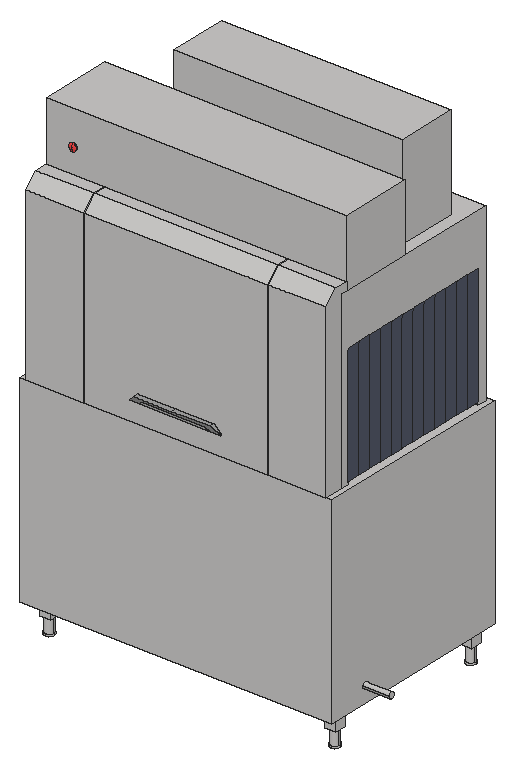
Revit family "QF_ELECTROLUXPROFESSIONAL_520422_ESR20EL5", category Specialty Equipment, Revit 2018
Family settings
  Round Connector Dimension = Use Diameter
  Part Type = Normal
  Work Plane-Based = No
  Always vertical = Yes
  Cut with Voids When Loaded = No
  Shared = No
  Room Calculation Point = No
Parameters (values of type "Standard")
  Weight = 258.00 kg
  Watts = 0 W
  Volts = 380 V
  URL Manufacturer = "http://professional.electrolux.com"
  URL = "http://professional.electrolux.com"
  Steam Supply Size = 0 mm
  Steam Supply Minimum Pressure = 0.0 Pa
  Steam Supply Maximum Pressure = 0.0 Pa
  Steam Pounds per Hour = 0
  Show Clearance [instance] = yes
  Refrigeration Suction Line Size = 0 mm
  Refrigeration Liquid Line Size = 0 mm
  Refrigerant Compressor Remote = yes
  Manufacturer = "Electrolux Professional"
  Phase = 3
  Model = "ESR20EL5"
  Length Actual = 1148 mm  # constant formula
  L_R [instance] = yes
  Item Number = "520422"
  Hot Water Size = 0 mm
  Height Actual = 1846 mm  # constant formula
  HP = "61.7 HP"
  Gas Size = 0 mm
  Gas KW = 0
  Gas Input Pressure = 0 W
  Direct Waste Size = 50.8 mm
  Description = "SINGLE RINSE RACKTYPE DISHWASHER, 200 RACKS/HOUR, ELECTRIC, L>R, 380-400V/50HZ/3N"
  Depth Actual = 800 mm  # constant formula
  Cycle = 50 Hz
  Condensate Return Size = 0 mm
  Compressed Air Volume = 0.0 L/s
  Compressed Air Size = 0 mm
  Compressed Air Pressure = 0.0 Pa
  Cold Water Size = 0 mm
  Accessory = yes
Types (2, lengths in mm): name | URL | Manufacturer | Phase | Model | Description
  (no name) | 0 | 0 | 0 | 0 | 0
  Standard | "http://professional.electrolux.com" | "Electrolux Professional" | 3 | "ESR20EL5" | "SINGLE RINSE RACKTYPE DISHWASHER, 200 RACKS/HOUR, ELECTRIC, L>R, 380-400V/50HZ/3N"
Values of the unnamed type that differ from the named types
  Volts = 0 V
  URL Manufacturer = ""
  Item Number = ""
  Cycle = 0 Hz
Reference planes
  plane 1 "Centro (Fronte/Retro)": y = 0
  plane 2: z = 0
  plane 3 "Centro (Sinistra/Destra)": x = 0
  plane 4 "LEFT": x = -574
  plane 5 "RIGHT": x = 574
  plane 6 "BACK": y = 384
  plane 7 "FRONT": y = -384
  plane 8: z = 120
  plane 9: z = 1747
  plane 10: z = 858
  plane 11: z = 1501
  plane 12: z = 1846
  plane 13: x = -526
  plane 14: x = 526
  plane 15: y = -290
  plane 16: y = 336
  plane 17: y = 369
  plane 18: x = -553
  plane 19: x = 553
  plane 20: y = -318
  plane 21: x = -338
  plane 22: x = 338
  plane 23: z = 1308
  plane 24: z = 2000
  plane 25: y = 464
Forms (mm)
  Extrusion 1, solid, material "QF_Finishes_Stainless Steel"
    sketch origin (0, 0, 0) x (1, 0, 0) y (0, 1, 0)
      loop
        line (-574, 384) -> (-574, -364) -> (574, -364) -> (574, 384) -> (-574, 384)
    from 120 to 858
  Extrusion 2, solid, material "QF_Finishes_Stainless Steel"
    sketch origin (0, 0, 0) x (1, 0, 0) y (0, 1, 0)
      loop
        line (-553, 369) -> (-553, -298) -> (553, -298) -> (553, 369) -> (-553, 369)
    from 858 to 1501
  Extrusion 3, solid, material "QF_Finishes_Stainless Steel"
    sketch origin (0, 20, 0) x (0, 1, 0) y (0, 0, 1)
      loop
        line (-384, 858) -> (-318, 858) -> (-318, 1501) -> (-290, 1501) -> (-290, 1531) -> (-340, 1531) -> (-384, 1487) -> (-384, 858)
    from -553 to -338
  Extrusion 4, solid, material "QF_Finishes_Stainless Steel"
    sketch origin (500, 20, 0) x (0, 1, 0) y (0, 0, 1)
      loop
        line (-384, 858) -> (-318, 858) -> (-318, 1501) -> (-290, 1501) -> (-290, 1531) -> (-340, 1531) -> (-384, 1487) -> (-384, 858)
    from -162 to 53
  Extrusion 5, solid, material "QF_Finishes_Stainless Steel"
    sketch origin (540, 20, 0) x (0, 1, 0) y (0, 0, 1)
      loop
        line (-384, 858) -> (-318, 858) -> (-318, 1501) -> (-290, 1501) -> (-290, 1531) -> (-340, 1531) -> (-384, 1487) -> (-384, 858)
    from -878 to -202
  Extrusion 6, solid, material "QF_Finishes_Gray"
    sketch origin (540, -364, 858) x (0, 0, 1) y (-1, 0, 0)
      loop
        line (100, 540) -> (100, 680) -> (71.716, 708.284) -> (71.716, 371.716) -> (100, 400) -> (100, 540)
    from 0 to 20
  Extrusion 7, void
    sketch origin (540, -384, 858) x (0, 0, -1) y (-1, 0, 0)
      loop
        line (-71.716, 670) -> (-85.858, 655.858) -> (-85.858, 540) -> (-85.858, 424.142) -> (-71.716, 410) -> (-71.716, 670)
    from 0 to 15.552
  Extrusion 8, void
    sketch origin (0, 0, 0) x (0, 1, 0) y (0, 0, 1)
      loop
        line (-368.448, 929.716) -> (-384, 958) -> (-384, 929.716) -> (-368.448, 929.716)
    from -266.002 to 250
  Extrusion 9, solid, material "QF_Finishes_Stainless Steel"
    sketch origin (0, 0, 0) x (1, 0, 0) y (0, 1, 0)
      loop
        line (-553, -270) -> (553, -270) -> (553, 0) -> (-553, 0) -> (-553, -270)
    from 1501 to 1747
  Revolve 10, solid, material "QF_Finishes_Red"
    sketch origin (-450, 0, 0) x (0, 1, 0) y (0, 0, 1)
      loop
        line (-270, 1624.5) -> (-270, 1629.5) -> (-275.578, 1629.5) -> (-275.578, 1638.673) -> (-276.708, 1638.673)
        arc (-276.708, 1638.673) -> (-279.647, 1631.859) -> (-280.606, 1624.5) r 26.817
        line (-280.606, 1624.5) -> (-270, 1624.5)
      axis (-270, 1624.5) -> (-280.606, 1624.5)
    angle from 0 to 360
  Extrusion 11, solid, material "QF_Finishes_Stainless Steel"
    sketch origin (0, 0, 0) x (1, 0, 0) y (0, 1, 0)
      loop
        line (509, 42) -> (509, 265) -> (-334, 265) -> (-334, 42) -> (509, 42)
    from 1501 to 1846
  Extrusion 12, void
    sketch origin (-553, -318, 0) x (0, -1, 0) y (0, 0, -1)
      loop
        line (-654, -1308) -> (-53, -1308) -> (-53, -858) -> (-654, -858) -> (-654, -1308)
    from 0 to 1106
  Extrusion 13, solid, material "QF_Finishes_Navy Blue"
    sketch origin (-553, -318, 0) x (0, 1, 0) y (0, 0, -1)
      loop
        line (653, -1308) -> (653, -868) -> (604, -868) -> (604, -1308) -> (653, -1308)
      loop
        line (53, -1308) -> (102, -1308) -> (102, -868) -> (53, -868) -> (53, -1308)
      loop
        line (602, -868) -> (554, -868) -> (554, -1308) -> (602, -1308) -> (602, -868)
      loop
        line (552, -868) -> (504, -868) -> (504, -1308) -> (552, -1308) -> (552, -868)
      loop
        line (502, -868) -> (454, -868) -> (454, -1308) -> (502, -1308) -> (502, -868)
      loop
        line (452, -868) -> (404, -868) -> (404, -1308) -> (452, -1308) -> (452, -868)
      loop
        line (402, -868) -> (354, -868) -> (354, -1308) -> (402, -1308) -> (402, -868)
      loop
        line (352, -868) -> (304, -868) -> (304, -1308) -> (352, -1308) -> (352, -868)
      loop
        line (302, -868) -> (254, -868) -> (254, -1308) -> (302, -1308) -> (302, -868)
      loop
        line (252, -868) -> (204, -868) -> (204, -1308) -> (252, -1308) -> (252, -868)
      loop
        line (202, -868) -> (154, -868) -> (154, -1308) -> (202, -1308) -> (202, -868)
      loop
        line (152, -868) -> (104, -868) -> (104, -1308) -> (152, -1308) -> (152, -868)
    from 0 to -3
  Extrusion 14, solid, material "QF_Finishes_Navy Blue"
    sketch origin (553, -318, 0) x (0, 1, 0) y (0, 0, 1)
      loop
        line (653, 1308) -> (604, 1308) -> (604, 868) -> (653, 868) -> (653, 1308)
      loop
        line (53, 1308) -> (53, 868) -> (102, 868) -> (102, 1308) -> (53, 1308)
      loop
        line (602, 868) -> (602, 1308) -> (554, 1308) -> (554, 868) -> (602, 868)
      loop
        line (552, 868) -> (552, 1308) -> (504, 1308) -> (504, 868) -> (552, 868)
      loop
        line (502, 868) -> (502, 1308) -> (454, 1308) -> (454, 868) -> (502, 868)
      loop
        line (452, 868) -> (452, 1308) -> (404, 1308) -> (404, 868) -> (452, 868)
      loop
        line (402, 868) -> (402, 1308) -> (354, 1308) -> (354, 868) -> (402, 868)
      loop
        line (352, 868) -> (352, 1308) -> (304, 1308) -> (304, 868) -> (352, 868)
      loop
        line (302, 868) -> (302, 1308) -> (254, 1308) -> (254, 868) -> (302, 868)
      loop
        line (252, 868) -> (252, 1308) -> (204, 1308) -> (204, 868) -> (252, 868)
      loop
        line (202, 868) -> (202, 1308) -> (154, 1308) -> (154, 868) -> (202, 868)
      loop
        line (152, 868) -> (152, 1308) -> (104, 1308) -> (104, 868) -> (152, 868)
    from 0 to -3
  Extrusion 15, solid, material "QF_Door-Drawer Clearances", visible <- "Show Clearance", detail levels coarse
    sketch origin (453, -119.301, 494.86) x (0, 1, 0) y (0, 0, 1)
      loop
        line (-178.699, 1036.14) -> (-178.699, 1475.14) -> (-150.699, 1475.14) -> (-150.699, 1505.14) -> (-200.699, 1505.14) -> (-244.699, 1461.14) -> (-244.699, 992.14) -> (-200.699, 1036.14) -> (-178.699, 1036.14)
    from -791 to -115
  Extrusion 16, solid, material "QF_Clearance", visible <- "Show Clearance", detail levels coarse
    sketch origin (0, 0, 0) x (1, 0, 0) y (0, 1, 0)
      loop
        line (-574, 384) -> (574, 384) -> (574, 464) -> (-574, 464) -> (-574, 384)
    from 0 to 1846
  Extrusion 17, solid, material "QF_Finishes_Stainless Steel"
    sketch origin (-553, -318, 0) x (0, 1, 0) y (0, 0, -1)
      loop
        circle (104, -183) r 10
    from 21 to 121
  Extrusion 18, solid, material "QF_Finishes_Stainless Steel"
    sketch origin (553, -318, 0) x (0, 1, 0) y (0, 0, 1)
      loop
        circle (104, 183) r 10
    from 21 to 121
  Extrusion 19, solid, material "QF_Finishes_Stainless Steel"
    sketch origin (487.887, 0, -4.4) x (-1, 0, 0) y (0, 0, 1)
      loop
        circle (943.887, 1646.362) r 10
    from 0 to 35
  Extrusion 20, solid, material "QF_Finishes_Stainless Steel"
    sketch origin (-335, 265, 6.038) x (1, 0, 0) y (0, 0, -1)
      loop
        circle (204, -1740.962) r 10
    from 0 to 10
Cuts and joins
  Extrusion 7, Extrusion 12 cuts Extrusion 2
  Extrusion 7 cuts Extrusion 5
  Extrusion 7, Extrusion 8 cuts Extrusion 6
  Extrusion 12 cuts Extrusion 1
Lines and regions (mm)
  Split face 1
    outline origin (-553, -270, 0) x (1, 0, 0) y (0, 0, 1)
      loop
        line (215, 1501) -> (215, 1747)
      loop
        line (891, 1501) -> (891, 1747)
  Split face 2
    outline origin (-553, -270, 0) x (1, 0, 0) y (0, 0, 1)
      loop
        line (215, 1651) -> (310, 1651) -> (348.837, 1604.716) -> (553, 1604.716) -> (757.163, 1604.716) -> (796, 1651) -> (891, 1651)
  Split face 3
    outline origin (-553, -270, 0) x (1, 0, 0) y (0, 0, 1)
      loop
        line (482.982, 1651) -> (482.982, 1631) -> (512.982, 1631) -> (512.982, 1651) -> (482.982, 1651)
  Split face 4
    outline origin (553, -270, 0) x (-1, 0, 0) y (0, 0, -1)
      loop
        line (455.982, -1651) -> (485.982, -1651) -> (485.982, -1631) -> (455.982, -1631) -> (455.982, -1651)
  symbolic lines
    curve 1: line (-334, 265, 0) -> (509, 265, 0)
    curve 2: line (-334, 42, 0) -> (-334, 265, 0)
    curve 3: line (509, 42, 0) -> (-334, 42, 0)
    curve 4: line (509, 265, 0) -> (509, 42, 0)
    curve 5: line (-574, 384, 0) -> (574, 384, 0)
    curve 6: line (574, 384, 0) -> (574, -364, 0)
    curve 7: line (574, -364, 0) -> (-574, -364, 0)
    curve 8: line (-574, -364, 0) -> (-574, 384, 0)
    curve 9: line (-553, -364, 0) -> (-553, 369, 0)
    curve 10: line (-553, 369, 0) -> (553, 369, 0)
    curve 11: line (553, 369, 0) -> (553, -364, 0)
    curve 12: line (553, -320, 0) -> (-553, -320, 0)
    curve 13: line (-338, -364, 0) -> (-338, -270, 0)
    curve 14: line (-553, -270, 0) -> (553, -270, 0)
    curve 15: line (338, -364, 0) -> (338, -270, 0)
    curve 16: line (526, 0, 0) -> (-553, 0, 0)
    curve 23: line (-168.284, -364, 0) -> (-168.284, -368.448, 0)
    curve 24: line (-168.284, -368.448, 0) -> (-140, -384, 0)
    curve 25: line (-140, -384, 0) -> (140, -384, 0)
    curve 26: line (140, -384, 0) -> (168.284, -368.448, 0)
    curve 27: line (168.284, -364, 0) -> (168.284, -368.448, 0)
  symbolic lines, style "QF_Clearances"
    curve 17: line (-574, 384, 0) -> (-574, 464, 0)
    curve 18: line (-574, 464, 0) -> (574, 464, 0)
    curve 19: line (574, 384, 0) -> (574, 464, 0)
  symbolic lines, style "SpecialityEquipment"
    curve 20: line (100, 129, 0) -> (-100, 129, 0)
  symbolic lines, style "SpecialityEquipment", visible <- "L_R"
    curve 21: line (100, 129, 0) -> (50.207, 87.219, 0)
    curve 22: line (100, 129, 0) -> (50.207, 170.781, 0)
Dimensions and locks
  equal spacing: plane 4 "LEFT", plane 3 "Centro (Sinistra/Destra)", plane 5 "RIGHT"
  plane 4 "LEFT" to plane 5 "RIGHT" = 1148 mm
  equal spacing: plane 6 "BACK", plane 1 "Centro (Fronte/Retro)", plane 7 "FRONT"
  plane 6 "BACK" to plane 7 "FRONT" = 768 mm
  plane 12 to plane 9 to plane 11 to plane 10 to plane 8 to plane 2 = 99 mm, 246 mm, 643 mm, 738 mm, 120 mm
  plane 12 to plane 2 = 1846 mm
  locked: plane 4 "LEFT" to plane 13 at 48
  locked: plane 14 to plane 5 "RIGHT" at 48
  locked: plane 6 "BACK" to plane 16 at 48
  locked: plane 15 to plane 7 "FRONT" at 94
  locked: plane 6 "BACK" to plane 17 at 15
  locked: plane 4 "LEFT" to plane 18 at 21
  locked: plane 19 to plane 5 "RIGHT" at 21
  locked: plane 20 to plane 7 "FRONT" at 66
  locked: plane 21 to plane 18 at 215
  locked: plane 19 to plane 22 at 215
  locked: plane 23 to plane 10 at 450
  plane 24 to plane 2 = 2000 mm
  locked: plane 6 "BACK" to plane 25 at 80
  plane 9 to plane 2 = 1747 mm
  aligned and locked: level to plane 2
  aligned and locked: plane 13 to nested 1
  aligned and locked: nested 1 to plane 15
  aligned and locked: nested 2 to plane 16
  aligned and locked: plane 14 to nested 3
  aligned and locked: nested 4 to plane 16
  aligned and locked: plane 14 to nested 4
  aligned and locked: Extrusion 1 sketch curve to plane 6 "BACK"
  aligned and locked: plane 4 "LEFT" to Extrusion 1 sketch curve
  aligned and locked: Extrusion 1 sketch curve to plane 5 "RIGHT"
  aligned and locked: plane 18 to Extrusion 2 sketch curve
  aligned and locked: Extrusion 2 sketch curve to plane 19
  aligned and locked: Extrusion 2 sketch curve to plane 17
  aligned and locked: Extrusion 3 to plane 18
  aligned and locked: plane 21 to Extrusion 3
  aligned and locked: plane 19 to Extrusion 4
  aligned and locked: Extrusion 4 to plane 22
  aligned and locked: Extrusion 5 to plane 21
  aligned and locked: plane 22 to Extrusion 5
  aligned and locked: Extrusion 2 to Extrusion 3
  aligned and locked: Extrusion 1 to Extrusion 3
  aligned and locked: Extrusion 9 sketch curve to Extrusion 3
  aligned and locked: Extrusion 9 sketch curve to plane 18
  aligned and locked: Extrusion 9 sketch curve to plane 1 "Centro (Fronte/Retro)"
  aligned and locked: plane 19 to Extrusion 12
  aligned and locked: plane 4 "LEFT" to Extrusion 17
  aligned and locked: plane 19 to Extrusion 9
  aligned and locked: Extrusion 16 to plane 25
  aligned and locked: plane 9 to Extrusion 9
Automatic sketch dimensions
  Extrusion 6 sketch curve to plane 3 "Centro (Sinistra/Destra)" = 0 mm
  plane 10 to Extrusion 6 sketch curve = 71.716 mm
  Extrusion 6 sketch curve to Extrusion 6 sketch curve = 28.284 mm  (x3)
  plane 3 "Centro (Sinistra/Destra)" to Extrusion 6 sketch curve = 140 mm
  Extrusion 6 sketch curve to Extrusion 6 sketch curve = 140 mm
  Extrusion 7 sketch curve to Extrusion 6 = 0 mm
  Extrusion 6 to Extrusion 7 sketch curve = 14.142 mm
  Extrusion 6 to Extrusion 7 sketch curve = 27.071 mm
  Extrusion 7 sketch curve to Extrusion 7 sketch curve = 14.142 mm  (x2)
  Extrusion 7 sketch curve to Extrusion 7 sketch curve = 115.858 mm  (x2)
  Split face 2 sketch curve to Split face 2 sketch curve = 38.837 mm  (x2)
  Split face 2 sketch curve to Split face 2 sketch curve = 204.163 mm  (x2)
  Split face 2 sketch curve to Split face 2 sketch curve = 95 mm  (x2)
  Split face 3 sketch curve to Split face 3 sketch curve = 30 mm
  Split face 3 sketch curve to Split face 3 sketch curve = 20 mm
  Split face 4 sketch curve to Split face 4 sketch curve = 30 mm
  Split face 4 sketch curve to Split face 4 sketch curve = 20 mm
  Split face 1 sketch curve to Split face 1 sketch curve = 676 mm
  Split face 1 sketch curve to Split face 1 sketch curve = 0 mm
  Split face 1 sketch curve to Split face 1 sketch curve = 246 mm  (x2)
  Split face 2 sketch curve to Split face 2 sketch curve = 46.284 mm  (x2)
  plane 13 to Extrusion 19 sketch curve = 70 mm
  Extrusion 19 sketch curve to plane 9 = 105.038 mm
  plane 7 "FRONT" to Extrusion 1 sketch curve = 20 mm
  Extrusion 2 sketch curve to plane 15 = 8 mm
  Extrusion 3 sketch curve to plane 10 = 0 mm
  Extrusion 3 sketch curve to plane 11 = 0 mm
  plane 7 "FRONT" to Extrusion 3 sketch curve = 20 mm
  Extrusion 3 sketch curve to plane 20 = 2 mm
  Extrusion 3 sketch curve to plane 15 = 8 mm
  plane 15 to Extrusion 3 sketch curve = 20 mm
  Extrusion 3 sketch curve to plane 11 = 14 mm
  plane 11 to Extrusion 3 sketch curve = 30 mm
  Extrusion 4 sketch curve to plane 10 = 0 mm
  Extrusion 4 sketch curve to plane 11 = 0 mm
  plane 7 "FRONT" to Extrusion 4 sketch curve = 20 mm
  Extrusion 4 sketch curve to plane 20 = 2 mm
  Extrusion 4 sketch curve to plane 15 = 8 mm
  plane 15 to Extrusion 4 sketch curve = 20 mm
  Extrusion 4 sketch curve to plane 11 = 14 mm
  plane 11 to Extrusion 4 sketch curve = 30 mm
  Extrusion 5 sketch curve to plane 10 = 0 mm
  Extrusion 5 sketch curve to plane 11 = 0 mm
  plane 7 "FRONT" to Extrusion 5 sketch curve = 20 mm
  Extrusion 5 sketch curve to plane 20 = 2 mm
  Extrusion 5 sketch curve to plane 15 = 8 mm
  plane 15 to Extrusion 5 sketch curve = 20 mm
  Extrusion 5 sketch curve to plane 11 = 14 mm
  plane 11 to Extrusion 5 sketch curve = 30 mm
  Extrusion 8 sketch curve to plane 7 "FRONT" = 0 mm
  plane 7 "FRONT" to Extrusion 8 sketch curve = 15.552 mm
  plane 10 to Extrusion 8 sketch curve = 71.716 mm
  Extrusion 8 sketch curve to Extrusion 8 sketch curve = 28.284 mm
  Extrusion 9 sketch curve to plane 19 = 0 mm
  plane 15 to Revolve 10 sketch curve = 9.394 mm
  plane 15 to Revolve 10 sketch curve = 13.292 mm
  Revolve 10 sketch curve to Revolve 10 sketch curve = 5.028 mm
  Revolve 10 sketch curve to Revolve 10 sketch curve = 5.578 mm
  Revolve 10 sketch curve to Revolve 10 sketch curve = 16.21 mm
  Revolve 10 sketch curve to plane 9 = 122.5 mm  (x2)
  Revolve 10 sketch curve to Revolve 10 sketch curve = 0.248 mm
  Revolve 10 sketch curve to Revolve 10 sketch curve = 5 mm
  Revolve 10 sketch curve to plane 7 "FRONT" = 66 mm
  Revolve 10 sketch curve to Revolve 10 sketch curve = 0 mm
  plane 21 to Extrusion 11 sketch curve = 4 mm
  Extrusion 11 sketch curve to plane 14 = 17 mm
  Extrusion 11 sketch curve to plane 1 "Centro (Fronte/Retro)" = 42 mm
  Extrusion 11 sketch curve to plane 16 = 71 mm
  Extrusion 2 to Extrusion 12 sketch curve = 0 mm
  Extrusion 12 sketch curve to Extrusion 2 = 33 mm
  Extrusion 2 to Extrusion 12 sketch curve = 33 mm
  Extrusion 12 sketch curve to Extrusion 2 = 193 mm
  Extrusion 2 to Extrusion 13 sketch curve = 10 mm  (x9)
  Extrusion 13 sketch curve to Extrusion 2 = 33 mm
  Extrusion 13 sketch curve to Extrusion 13 sketch curve = 49 mm
  Extrusion 13 sketch curve to Extrusion 13 sketch curve = 2 mm  (x11)
  Extrusion 13 sketch curve to Extrusion 13 sketch curve = 48 mm  (x10)
  Extrusion 2 to Extrusion 13 sketch curve = 34 mm
  Extrusion 13 sketch curve to Extrusion 13 sketch curve = 0 mm  (x13)
  Extrusion 2 to Extrusion 13 sketch curve = 193 mm  (x2)
  Extrusion 14 sketch curve to plane 23 = 0 mm  (x12)
  plane 10 to Extrusion 14 sketch curve = 10 mm  (x9)
  plane 15 to Extrusion 14 sketch curve = 25 mm
  Extrusion 14 sketch curve to Extrusion 14 sketch curve = 49 mm
  Extrusion 14 sketch curve to Extrusion 14 sketch curve = 2 mm  (x11)
  Extrusion 14 sketch curve to Extrusion 14 sketch curve = 48 mm  (x8)
  plane 1 "Centro (Fronte/Retro)" to Extrusion 14 sketch curve = 16 mm
  Extrusion 14 sketch curve to plane 1 "Centro (Fronte/Retro)" = 34 mm
  Extrusion 14 sketch curve to plane 16 = 1 mm
  Extrusion 14 sketch curve to Extrusion 14 sketch curve = 0 mm  (x3)
  Extrusion 15 sketch curve to plane 24 = 0 mm
  plane 7 "FRONT" to Extrusion 15 sketch curve = 20 mm
  Extrusion 15 sketch curve to plane 20 = 2 mm  (x2)
  Extrusion 15 sketch curve to plane 15 = 8 mm
  plane 15 to Extrusion 15 sketch curve = 20 mm
  Extrusion 15 sketch curve to plane 24 = 30 mm
  Extrusion 15 sketch curve to plane 24 = 44 mm
  plane 11 to Extrusion 15 sketch curve = 30 mm
  Extrusion 15 sketch curve to plane 11 = 14 mm
  Extrusion 16 sketch curve to plane 4 "LEFT" = 0 mm
  Extrusion 16 sketch curve to plane 5 "RIGHT" = 0 mm
  Extrusion 16 sketch curve to plane 6 "BACK" = 0 mm
  plane 25 to Extrusion 16 sketch curve = 0 mm
  Extrusion 17 sketch curve to Extrusion 2 = 84 mm
  Extrusion 17 sketch curve to Extrusion 2 = 675 mm
  plane 15 to Extrusion 18 sketch curve = 76 mm
  plane 8 to Extrusion 18 sketch curve = 63 mm
  Extrusion 20 sketch curve to Extrusion 11 = 203 mm
  Extrusion 11 to Extrusion 20 sketch curve = 99 mm
  curve 8 to plane 4 "LEFT" = 0 mm
  curve 12 to plane 18 = 0 mm
  curve 13 to plane 21 = 0 mm
  curve 15 to plane 22 = 0 mm
  plane 1 "Centro (Fronte/Retro)" to curve 16 = 0 mm
  curve 16 to plane 14 = 0 mm
  curve 14 to plane 19 = 0 mm
  curve 6 to plane 5 "RIGHT" = 0 mm
  curve 10 to plane 17 = 0 mm
  curve 8 to plane 6 "BACK" = 0 mm
  plane 25 to curve 19 = 0 mm
  plane 21 to curve 3 = 4 mm
  curve 1 to plane 14 = 17 mm
  plane 7 "FRONT" to curve 7 = 20 mm
  curve 4 to plane 1 "Centro (Fronte/Retro)" = 42 mm
  curve 4 to plane 16 = 71 mm
  plane 15 to curve 14 = 20 mm
  curve 12 to plane 20 = 2 mm
  plane 3 "Centro (Sinistra/Destra)" to curve 21 = 100 mm
  curve 21 to plane 1 "Centro (Fronte/Retro)" = 129 mm
  plane 21 to curve 20 = 238 mm
  curve 21 to curve 22 = 49.793 mm
  curve 22 to curve 22 = 49.793 mm
  curve 21 to curve 22 = 41.781 mm
  curve 22 to curve 22 = 41.781 mm
  curve 23 to plane 3 "Centro (Sinistra/Destra)" = 168.284 mm
  curve 23 to curve 23 = 4.448 mm
  curve 24 to curve 24 = 28.284 mm
  plane 3 "Centro (Sinistra/Destra)" to curve 25 = 140 mm
  curve 26 to plane 7 "FRONT" = 0 mm
  plane 7 "FRONT" to curve 27 = 15.552 mm
  curve 26 to curve 26 = 28.284 mm
  radius of Extrusion 19 sketch curve = 10 mm
  radius of Extrusion 17 sketch curve = 10 mm
  radius of Extrusion 18 sketch curve = 10 mm
  radius of Extrusion 20 sketch curve = 10 mm
Nested families
  nested 1: "Foot_40x40_H150" at (-526, -290, 0), type "Foot_40x40_H150"
  nested 2: "Foot_40x40_H150" at (-526, 336, 0), type "Foot_40x40_H150"
  nested 3: "Foot_40x40_H150" at (526, -290, 0), type "Foot_40x40_H150"
  nested 4: "Foot_40x40_H150" at (526, 336, 0), type "Foot_40x40_H150"
Connectors
  piping at (-674, -214, 183), diameter 20
    settings: on Extrusion 17, index 1, connector inside diameter 609.6 mm, connector length 0 mm, flow factor 0, pipe flow 0.0 L/s, pressure drop 0.0 Pa, fitting loss kfactor 0, connector angle 0.00°, fixture units 0, engagement length 0 mm, angle of deflection 0.00°, flow configuration 1, flow direction 2, fitting loss method 0, system type 16, joint type 0, gender type 0, connector reference index -1, connector utility 0, adjustable connector no, is connector primary yes, connector description "Drain"
  piping at (674, -214, 183), diameter 20
    settings: on Extrusion 18, index 2, connector inside diameter 609.6 mm, connector length 0 mm, flow factor 0, pipe flow 0.0 L/s, pressure drop 0.0 Pa, fitting loss kfactor 0, connector angle 0.00°, fixture units 0, engagement length 0 mm, angle of deflection 0.00°, flow configuration 1, flow direction 2, fitting loss method 0, system type 16, joint type 0, gender type 0, connector reference index -1, connector utility 0, adjustable connector no, is connector primary no, connector description "Drain"
  electrical at (-456, 35, 1641.962)
    settings: on Extrusion 19, index 3, voltage 0 V, apparent load 0 VA, apparent load phase1 0 VA, apparent load phase2 0 VA, apparent load phase3 0 VA, power factor 1, load classification "Altro", number of poles 1, system type 30, power factor state 1, is connector primary yes, connector utility no, sub classification motor no, connector description "Electrical"
  piping at (-131, 275, 1747), diameter 609.6
    settings: on Extrusion 20, index 4, connector inside diameter 609.6 mm, connector length 0 mm, flow factor 0, pipe flow 0.0 L/s, pressure drop 0.0 Pa, fitting loss kfactor 0, connector angle 0.00°, fixture units 0, engagement length 0 mm, angle of deflection 0.00°, flow configuration 0, flow direction 0, fitting loss method 0, system type 20, joint type 0, gender type 0, connector reference index -1, connector utility 0, adjustable connector no, is connector primary no, connector description "Cold Water"
Definition of nested family "Foot_40x40_H150"
  Reference planes
    plane 1 "Centro (Fronte/Retro)": y = 0
    plane 2: z = 0
    plane 3 "Centro (Sinistra/Destra)": x = 0
    plane 4: z = 120
  Forms (mm)
    Extrusion 1, solid
      sketch origin (0, 0, 0) x (1, 0, 0) y (0, 1, 0)
        loop
          circle (0, 0) r 18
      from 0 to 5
    Extrusion 2, solid
      sketch origin (0, 0, 5) x (1, 0, 0) y (0, 1, 0)
        loop
          circle (0, 0) r 15
      from 0 to 55
    Extrusion 3, solid
      sketch origin (0, 0, 60) x (1, 0, 0) y (0, 1, 0)
        loop
          line (-20, 20) -> (-20, -20) -> (20, -20) -> (20, 20) -> (-20, 20)
      from 0 to 60
  Dimensions and locks
    aligned and locked: level to plane 2
    aligned and locked: plane 4 to Extrusion 3
    aligned and locked: Extrusion 1 to level
